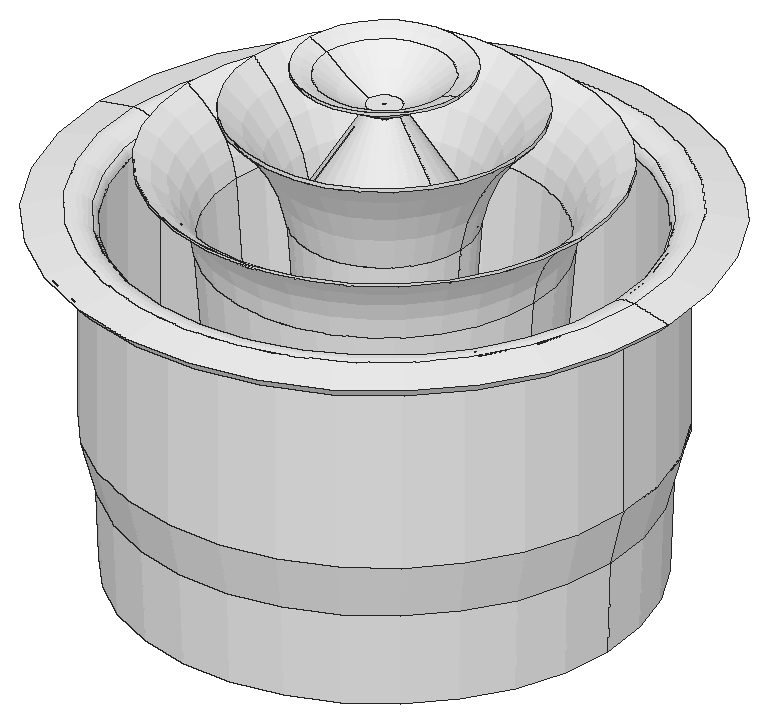
Revit family
Parameters
  URL = "http://www.productspec.net/products/32037/holyoake-industries/diffusers-jd.aspx"
  Type Comments = "Jet Diffuser"  # constant formula
  Radius = 117.0 mm  # constant formula
  Overall Height = A + B  # 183.3 mm
  Model = "JD-200"  # constant formula
  Manufacturer = "Holyoake Industries Ltd"  # constant formula
  Engineering Data [instance] = "http://www.productspec.net/nas/TechnicalFiles/2367/p32037/D3-D4 JD.pdf"
  E = 234.0 mm
  Duct Radius = C / 2  # 92.0 mm
  Diffuser [instance] = Aluminium - Holyoake
  Description = "Designed to provide an attractive option for air conditioning large areas."  # constant formula
  D = 205.0 mm
  Created By = "Productspec Ltd"  # constant formula
  C = 184.0 mm
  B = 125.3 mm
  Author = "DZZ"  # constant formula
  Airflow Rate [instance] = 0.0 L/s
  A = 58.0 mm
Reference planes
  plane 1 "Center (Front/Back)": y = 0
  plane 2: z = 0
  plane 3 "Center (Left/Right)": x = 0
  plane 4: z = 58
  plane 5: z = -125.3
  plane 6: y = -117
  plane 7: y = 117
  plane 8: y = 92
  plane 9: y = -92
  plane 10: y = 102.5
  plane 11: y = -102.5
Forms (mm)
  Sweep 1, solid, material "Aluminium - Holyoake" <- "Diffuser"
    path origin (0, 0, 0) x (1, 0, 0) y (0, 1, 0)
      loop
        circle (0, 0) r 117
    profile "Holyoake_JetDiffuser_JD200_Profile : Holyoake_JetDiffuser_JD200_Profile" origin (0, 117, 0) x (0, -1, 0) y (0, 0, 1)
      loop
        line (4.421, 1) -> (2.007, 3.475) -> (14.007, 5.831)
        arc (14.007, 5.831) -> (18.581, 5.54) -> (22.418, 3.035) r 9
        arc (22.418, 3.035) -> (23.389, 1.629) -> (23.8, -0.029) r 4.746
        line (23.8, -0.029) -> (23.8, -83.4) -> (91.878, -83.4) -> (92.495, -92) -> (93.497, -92) -> (86.683, 1) -> (111.158, 41.1) -> (116.5, 41.1) -> (116.5, 44.1) -> (110.827, 44.1)
        arc (110.827, 44.1) -> (101.725, 48.834) -> (93.5, 54.965) r 63.815
        arc (93.5, 54.965) -> (90.034, 56.68) -> (86.4, 58) r 34.852
        line (86.4, 58) -> (86.4, 56.964)
        arc (86.4, 56.964) -> (89.733, 55.732) -> (92.919, 54.156) r 33.862
        arc (92.919, 54.156) -> (101.334, 47.909) -> (110.647, 43.1) r 64.807
        line (110.647, 43.1) -> (115.5, 43.1) -> (115.5, 42.1) -> (110.597, 42.1) -> (86.462, 2.559)
        arc (86.462, 2.559) -> (78.305, 24.823) -> (63.2, 43.101) r 70.2
        line (63.2, 43.101) -> (63.2, 41.774)
        arc (63.2, 41.774) -> (77.893, 23.519) -> (85.65, 1.407) r 69.2
        line (85.65, 1.407) -> (90.284, -61.7) -> (60.621, -61.7) -> (56.144, -4.81)
        arc (56.144, -4.81) -> (49.456, 11.712) -> (36, 23.4) r 38.2
        line (36, 23.4) -> (36, 22.327)
        arc (36, 22.327) -> (49.555, 9.886) -> (55.49, -7.529) r 37.2
        line (55.49, -7.529) -> (59.832, -62.7) -> (90.358, -62.7) -> (91.804, -82.4) -> (24.8, -82.4) -> (24.8, 0)
        arc (24.8, 0) -> (24.313, 2.014) -> (23.143, 3.724) r 5.746
        arc (23.143, 3.724) -> (18.884, 6.493) -> (13.814, 6.813) r 10
        line (13.814, 6.813) -> (0, 4.1) -> (4, 0) -> (14.35, 0)
        arc (14.35, 0) -> (17.178, -1.172) -> (18.35, -4) r 4
        line (18.35, -4) -> (18.35, -71.53) -> (23.806, -92.152) -> (25.288, -125.3) -> (116.5, -125.3) -> (116.5, -124.3) -> (26.245, -124.3) -> (24.8, -92) -> (19.35, -71.4) -> (19.35, -4)
        arc (19.35, -4) -> (17.886, -0.464) -> (14.35, 1) r 5
        line (14.35, 1) -> (4.421, 1)
Dimensions and locks
  "A": plane 4 to plane 2
  "B": plane 2 to plane 5
  "E": plane 7 to plane 6
  equal spacing: plane 7, plane 1 "Center (Front/Back)", plane 6
  "D": plane 10 to plane 11
  "C": plane 8 to plane 9
  equal spacing: plane 8, plane 1 "Center (Front/Back)", plane 9
  equal spacing: plane 10, plane 1 "Center (Front/Back)", plane 11
  "Radius": radius of Sweep 1 sketch curve
Automatic sketch dimensions
  plane 1 "Center (Front/Back)" to Sweep 1 sketch curve = 0.0 mm
  Sweep 1 sketch curve to plane 3 "Center (Left/Right)" = 0.0 mm
Connectors
  hvac at (0, 0, -124.3), driven by "Duct Radius", driven by "Airflow Rate"
    settings: on Sweep 1, index 1
